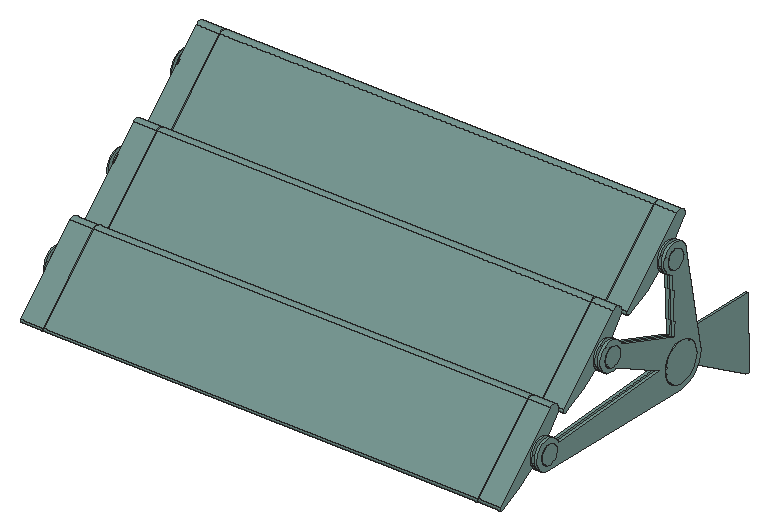
Revit family "kawneer - 1600 powershade - aluminum_16445", category Generic Models, Revit 2015 (continued)
Automatic sketch dimensions
  Extrusion 25 sketch curve to Extrusion 25 sketch curve = 0' - 4.96195"
  Extrusion 25 sketch curve to Extrusion 25 sketch curve = 0' - 9.23199"
  Extrusion 25 sketch curve to Extrusion 25 sketch curve = 0' - 1.48735"
  Extrusion 25 sketch curve to Extrusion 25 sketch curve = 0' - 2.55058"
  Extrusion 25 sketch curve to Extrusion 25 sketch curve = 1' - 2.0189"
  Extrusion 25 sketch curve to Extrusion 25 sketch curve = 0' - 2.55902"
  Extrusion 25 sketch curve to Extrusion 25 sketch curve = 0' - 0.00003"
  Extrusion 25 sketch curve to Extrusion 25 sketch curve = 0' - 0.00101"
  Extrusion 25 sketch curve to Extrusion 25 sketch curve = 0' - 0.01187"
  Extrusion 25 sketch curve to Extrusion 25 sketch curve = 0' - 2 193/256"
  Extrusion 25 sketch curve to Extrusion 25 sketch curve = 0' - 0.09443"
  Extrusion 25 sketch curve to Extrusion 25 sketch curve = 0' - 4.89585"
  Extrusion 25 sketch curve to Extrusion 25 sketch curve = 0' - 0.09449"
  Extrusion 25 sketch curve to Extrusion 25 sketch curve = 0' - 0.59894"
  Extrusion 25 sketch curve to Extrusion 25 sketch curve = 0' - 4.87124"
  Extrusion 25 sketch curve to Extrusion 25 sketch curve = 0' - 5.10804"
  Extrusion 25 sketch curve to Extrusion 25 sketch curve = 0' - 2.54039"
  Extrusion 25 sketch curve to Extrusion 25 sketch curve = 0' - 11.11376"
  Extrusion 25 sketch curve to Extrusion 25 sketch curve = 0' - 2.63986"
  Extrusion 25 sketch curve to Extrusion 25 sketch curve = 0' - 0.02539"
  Extrusion 25 sketch curve to Extrusion 25 sketch curve = 0' - 1.24659"
  Extrusion 25 sketch curve to Extrusion 25 sketch curve = 0' - 1.08978"
  Extrusion 25 sketch curve to Extrusion 25 sketch curve = 0' - 0.79263"
  Extrusion 25 sketch curve to Extrusion 25 sketch curve = 0' - 0.80107"
  Extrusion 26 sketch curve to Extrusion 26 sketch curve = 0' - 0"  (x9)
  Extrusion 26 sketch curve to Extrusion 26 sketch curve = 0' - 3.35872"
  Extrusion 26 sketch curve to Extrusion 26 sketch curve = 0' - 4.81592"
  Extrusion 26 sketch curve to Extrusion 26 sketch curve = 0' - 0.00179"
  Extrusion 26 sketch curve to Extrusion 26 sketch curve = 0' - 0.1607"
  Extrusion 26 sketch curve to Extrusion 26 sketch curve = 0' - 2.70896"
  Extrusion 26 sketch curve to Extrusion 26 sketch curve = 0' - 1.20352"
  Extrusion 26 sketch curve to Extrusion 26 sketch curve = 0' - 0.13877"
  Extrusion 26 sketch curve to Extrusion 26 sketch curve = 0' - 0.55441"
  Extrusion 26 sketch curve to Extrusion 26 sketch curve = 0' - 4.96195"
  Extrusion 26 sketch curve to Extrusion 26 sketch curve = 0' - 9.23199"
  Extrusion 26 sketch curve to Extrusion 26 sketch curve = 0' - 1.48735"
  Extrusion 26 sketch curve to Extrusion 26 sketch curve = 0' - 2.55058"
  Extrusion 26 sketch curve to Extrusion 26 sketch curve = 1' - 2.0189"
  Extrusion 26 sketch curve to Extrusion 26 sketch curve = 0' - 2.55902"
  Extrusion 26 sketch curve to Extrusion 26 sketch curve = 0' - 0.00003"
  Extrusion 26 sketch curve to Extrusion 26 sketch curve = 0' - 0.00101"
  Extrusion 26 sketch curve to Extrusion 26 sketch curve = 0' - 0.01187"
  Extrusion 26 sketch curve to Extrusion 26 sketch curve = 0' - 2 193/256"
  Extrusion 26 sketch curve to Extrusion 26 sketch curve = 0' - 0.09443"
  Extrusion 26 sketch curve to Extrusion 26 sketch curve = 0' - 4.89585"
  Extrusion 26 sketch curve to Extrusion 26 sketch curve = 0' - 0.09449"
  Extrusion 26 sketch curve to Extrusion 26 sketch curve = 0' - 0.59894"
  Extrusion 26 sketch curve to Extrusion 26 sketch curve = 0' - 4.87124"
  Extrusion 26 sketch curve to Extrusion 26 sketch curve = 0' - 5.10804"
  Extrusion 26 sketch curve to Extrusion 26 sketch curve = 0' - 2.54039"
  Extrusion 26 sketch curve to Extrusion 26 sketch curve = 0' - 0.39131"
  Extrusion 26 sketch curve to Extrusion 26 sketch curve = 0' - 11.11376"
  Extrusion 26 sketch curve to Extrusion 26 sketch curve = 0' - 2.63986"
  Extrusion 26 sketch curve to Extrusion 26 sketch curve = 0' - 0.02539"
  Extrusion 26 sketch curve to Extrusion 26 sketch curve = 0' - 1.24659"
  Extrusion 26 sketch curve to Extrusion 26 sketch curve = 0' - 1.08978"
  Extrusion 26 sketch curve to Extrusion 26 sketch curve = 0' - 0.79263"
  Extrusion 26 sketch curve to Extrusion 26 sketch curve = 0' - 0.80107"
  Extrusion 19 sketch curve to Extrusion 19 sketch curve = 0' - 0"  (x2)
  Extrusion 19 sketch curve to Extrusion 19 sketch curve = 0' - 0.03518"
  Extrusion 19 sketch curve to Extrusion 19 sketch curve = 0' - 3.65728"
  Extrusion 19 sketch curve to Extrusion 19 sketch curve = 1' - 1.29335"
  Extrusion 19 sketch curve to Extrusion 19 sketch curve = 0' - 0.49966"
  Extrusion 19 sketch curve to Extrusion 19 sketch curve = 0' - 4.22989"
  Extrusion 19 sketch curve to Extrusion 19 sketch curve = 1' - 2.01634"
  Extrusion 19 sketch curve to Extrusion 19 sketch curve = 0' - 0.00525"
  Extrusion 20 sketch curve to Extrusion 20 sketch curve = 0' - 0"  (x2)
  Extrusion 20 sketch curve to Extrusion 20 sketch curve = 0' - 3.73003"
  Extrusion 21 sketch curve to Extrusion 21 sketch curve = 0' - 0"  (x12)
  Extrusion 21 sketch curve to Extrusion 21 sketch curve = 0' - 3.35872"
  Extrusion 21 sketch curve to Extrusion 21 sketch curve = 0' - 4.81592"
  Extrusion 21 sketch curve to Extrusion 21 sketch curve = 0' - 0.00179"
  Extrusion 21 sketch curve to Extrusion 21 sketch curve = 0' - 0.1607"
  Extrusion 21 sketch curve to Extrusion 21 sketch curve = 0' - 2.70896"
  Extrusion 21 sketch curve to Extrusion 21 sketch curve = 0' - 1.20352"
  Extrusion 21 sketch curve to Extrusion 21 sketch curve = 0' - 0.13877"
  Extrusion 21 sketch curve to Extrusion 21 sketch curve = 0' - 0.55441"
  Extrusion 21 sketch curve to Extrusion 21 sketch curve = 0' - 4.96195"
  Extrusion 21 sketch curve to Extrusion 21 sketch curve = 0' - 9.23199"
  Extrusion 21 sketch curve to Extrusion 21 sketch curve = 0' - 1.48735"
  Extrusion 21 sketch curve to Extrusion 21 sketch curve = 0' - 2.55058"
  Extrusion 21 sketch curve to Extrusion 21 sketch curve = 1' - 2.0189"
  Extrusion 21 sketch curve to Extrusion 21 sketch curve = 0' - 2.55902"
  Extrusion 21 sketch curve to Extrusion 21 sketch curve = 0' - 0.00003"
  Extrusion 21 sketch curve to Extrusion 21 sketch curve = 0' - 0.00101"
  Extrusion 21 sketch curve to Extrusion 21 sketch curve = 0' - 0.01187"
  Extrusion 21 sketch curve to Extrusion 21 sketch curve = 0' - 2 193/256"
  Extrusion 21 sketch curve to Extrusion 21 sketch curve = 0' - 0.09443"
  Extrusion 21 sketch curve to Extrusion 21 sketch curve = 0' - 4.89585"
  Extrusion 21 sketch curve to Extrusion 21 sketch curve = 0' - 0.09449"
  Extrusion 21 sketch curve to Extrusion 21 sketch curve = 0' - 0.59894"
  Extrusion 21 sketch curve to Extrusion 21 sketch curve = 0' - 4.87124"
  Extrusion 21 sketch curve to Extrusion 21 sketch curve = 0' - 5.10804"
  Extrusion 21 sketch curve to Extrusion 21 sketch curve = 0' - 2.54039"
  Extrusion 21 sketch curve to Extrusion 21 sketch curve = 0' - 11.11376"
  Extrusion 21 sketch curve to Extrusion 21 sketch curve = 0' - 2.63986"
  Extrusion 21 sketch curve to Extrusion 21 sketch curve = 0' - 0.02539"
  Extrusion 21 sketch curve to Extrusion 21 sketch curve = 0' - 1.24659"
  Extrusion 21 sketch curve to Extrusion 21 sketch curve = 0' - 1.08978"
  Extrusion 21 sketch curve to Extrusion 21 sketch curve = 0' - 0.79263"
  Extrusion 21 sketch curve to Extrusion 21 sketch curve = 0' - 0.80107"
  Extrusion 22 sketch curve to Extrusion 22 sketch curve = 0' - 0"  (x9)
  Extrusion 22 sketch curve to Extrusion 22 sketch curve = 0' - 3.35872"
  Extrusion 22 sketch curve to Extrusion 22 sketch curve = 0' - 4.81592"
  Extrusion 22 sketch curve to Extrusion 22 sketch curve = 0' - 0.00179"
  Extrusion 22 sketch curve to Extrusion 22 sketch curve = 0' - 0.1607"
  Extrusion 22 sketch curve to Extrusion 22 sketch curve = 0' - 2.70896"
  Extrusion 22 sketch curve to Extrusion 22 sketch curve = 0' - 1.20352"
  Extrusion 22 sketch curve to Extrusion 22 sketch curve = 0' - 0.13877"
  Extrusion 22 sketch curve to Extrusion 22 sketch curve = 0' - 0.55441"
  Extrusion 22 sketch curve to Extrusion 22 sketch curve = 0' - 4.96195"
  Extrusion 22 sketch curve to Extrusion 22 sketch curve = 0' - 9.23199"
  Extrusion 22 sketch curve to Extrusion 22 sketch curve = 0' - 1.48735"
  Extrusion 22 sketch curve to Extrusion 22 sketch curve = 0' - 2.55058"
  Extrusion 22 sketch curve to Extrusion 22 sketch curve = 1' - 2.0189"
  Extrusion 22 sketch curve to Extrusion 22 sketch curve = 0' - 2.55902"
  Extrusion 22 sketch curve to Extrusion 22 sketch curve = 0' - 0.00003"
  Extrusion 22 sketch curve to Extrusion 22 sketch curve = 0' - 0.00101"
  Extrusion 22 sketch curve to Extrusion 22 sketch curve = 0' - 0.01187"
  Extrusion 22 sketch curve to Extrusion 22 sketch curve = 0' - 2 193/256"
  Extrusion 22 sketch curve to Extrusion 22 sketch curve = 0' - 0.09443"
  Extrusion 22 sketch curve to Extrusion 22 sketch curve = 0' - 4.89585"
  Extrusion 22 sketch curve to Extrusion 22 sketch curve = 0' - 0.09449"
  Extrusion 22 sketch curve to Extrusion 22 sketch curve = 0' - 0.59894"
  Extrusion 22 sketch curve to Extrusion 22 sketch curve = 0' - 4.87124"
  Extrusion 22 sketch curve to Extrusion 22 sketch curve = 0' - 5.10804"
  Extrusion 22 sketch curve to Extrusion 22 sketch curve = 0' - 2.54039"
  Extrusion 22 sketch curve to Extrusion 22 sketch curve = 0' - 0.39131"
  Extrusion 22 sketch curve to Extrusion 22 sketch curve = 0' - 11.11376"
  Extrusion 22 sketch curve to Extrusion 22 sketch curve = 0' - 2.63986"
  Extrusion 22 sketch curve to Extrusion 22 sketch curve = 0' - 0.02539"
  Extrusion 22 sketch curve to Extrusion 22 sketch curve = 0' - 1.24659"
  Extrusion 22 sketch curve to Extrusion 22 sketch curve = 0' - 1.08978"
  Extrusion 22 sketch curve to Extrusion 22 sketch curve = 0' - 0.79263"
  Extrusion 22 sketch curve to Extrusion 22 sketch curve = 0' - 0.80107"
  Extrusion 10 sketch curve to Extrusion 10 sketch curve = 0' - 0"  (x21)
  Extrusion 10 sketch curve to Extrusion 10 sketch curve = 0' - 9.62978"
  Extrusion 10 sketch curve to Extrusion 10 sketch curve = 0' - 0.24748"  (x6)
  Extrusion 10 sketch curve to Extrusion 10 sketch curve = 1' - 3.51469"  (x2)
  Extrusion 10 sketch curve to Extrusion 10 sketch curve = 0' - 9.43983"  (x3)
  Extrusion 10 sketch curve to Extrusion 10 sketch curve = 0' - 3.23007"  (x3)
  Extrusion 10 sketch curve to Extrusion 10 sketch curve = 0' - 2.59731"  (x2)
  Extrusion 10 sketch curve to Extrusion 10 sketch curve = 0' - 5.90902"  (x3)
  Extrusion 10 sketch curve to Extrusion 10 sketch curve = 0' - 4.46848"  (x2)
  Extrusion 10 sketch curve to Extrusion 10 sketch curve = 0' - 0.9835"  (x2)
  Extrusion 10 sketch curve to Extrusion 10 sketch curve = 1' - 1.61763"
  Extrusion 10 sketch curve to Extrusion 10 sketch curve = 0' - 5.69946"
  Extrusion 10 sketch curve to Extrusion 10 sketch curve = 0' - 10.37749"  (x2)
  Extrusion 10 sketch curve to Extrusion 10 sketch curve = 0' - 1.19543"  (x3)
  Extrusion 10 sketch curve to Extrusion 10 sketch curve = 0' - 1.28892"  (x3)
  Extrusion 10 sketch curve to Extrusion 10 sketch curve = 0' - 0.77819"  (x3)
  Extrusion 10 sketch curve to Extrusion 10 sketch curve = 0' - 0.11571"  (x3)
  curve 2 to curve 2 = 1' - 2.49569"  (x2)
  Extrusion 2 sketch curve to Extrusion 2 sketch curve = 0' - 0"  (x9)
  Extrusion 2 sketch curve to Extrusion 2 sketch curve = 0' - 0.74385"  (x2)
  Extrusion 2 sketch curve to Extrusion 2 sketch curve = 0' - 2"  (x2)
  Extrusion 2 sketch curve to Extrusion 2 sketch curve = 1' - 4.38115"
  Extrusion 2 sketch curve to Extrusion 2 sketch curve = 0' - 1"  (x3)
  Extrusion 2 sketch curve to Extrusion 2 sketch curve = 0' - 4"
  Extrusion 2 sketch curve to Extrusion 2 sketch curve = 0' - 0 1/4"  (x4)
  Extrusion 3 sketch curve to Extrusion 3 sketch curve = 0' - 0"  (x5)
  Extrusion 3 sketch curve to Extrusion 3 sketch curve = 0' - 1.27587"  (x2)
  Extrusion 3 sketch curve to Extrusion 3 sketch curve = 0' - 2"  (x2)
  Extrusion 3 sketch curve to Extrusion 3 sketch curve = 0' - 1.00115"
  Extrusion 3 sketch curve to Extrusion 3 sketch curve = 0' - 0.093"  (x2)
  Extrusion 3 sketch curve to Extrusion 3 sketch curve = 0' - 0 3/4"  (x3)
  Extrusion 3 sketch curve to Extrusion 3 sketch curve = 0' - 4"
  radius of Extrusion 1 sketch curve = 0' - 3.73003"
  radius of Extrusion 6 sketch curve = 0' - 1.75795"  (x3)
  radius of Extrusion 32 sketch curve = 0' - 3.73003"
  radius of Extrusion 11 sketch curve = 0' - 3.73003"
  radius of Extrusion 27 sketch curve = 0' - 3.73003"
  radius of Extrusion 23 sketch curve = 0' - 3.73003"
  radius of Extrusion 19 sketch curve = 0' - 3.73003"
  radius of Extrusion 3 sketch curve = 0' - 0 1/4"  (x4)
